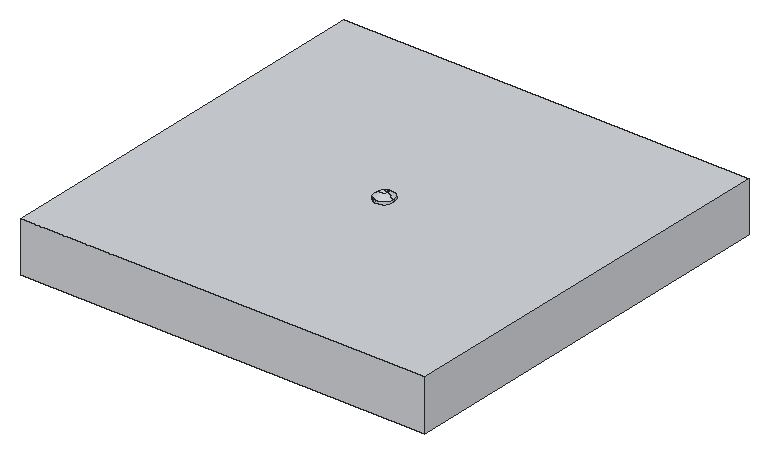
Revit family "M_Sensor de presença de forro - Relé duplo - Voltagem normal", category Dispositivos de iluminação, Revit 2019
Family settings
  Hospedeiro = Face
  Manter orientação da anotação = Sim
  Cota do conector redondo = Utilizar diâmetro
  Tipo de parte = Interruptor
  Número OmniClass = 23.85.80.11.27
  Título OmniClass = Lighting Controls
  ID de item do Seek = Ceiling Occupancy Sensor - Dual Relay - Regular Voltage-0000-CAN-ENU
  Corte com vazios quando carregada = Não
  Compartilhado = Não
  Ponto de cálculo do ambiente = Não
Parameters (values of type "120 V")
  Voltagem do sensor = 120 V
  Número de pólos do sensor = 1
  Classificação de carga = Outros
  Material da Lente = none
  Altura 1 = 1 / 3 * Altura do recobrimento  # 12.667 mm
  Elevação-padrão = 1200 mm
  Raio do recobrimento = 57 mm
  Material do recobrimento = none
  Altura do recobrimento = 38 mm
  Diâmetro do recobrimento = Raio do recobrimento * 2  # 114 mm
  Carga aparente = 0 VA
Types (3, lengths in mm): name | Voltagem do sensor
  (no name) | 120 V
  120 V | 120 V
  277 V | 277 V
Reference planes
  plane 1 "Centro (Frente/Trás)": y = 0
  plane 2: z = 0
  plane 3 "Centro (Esquerda/Direita)": x = 0
  plane 4: z = 12.667
  plane 5: z = 38
  plane 6: z = 44.35
  plane 7: x = -57
  plane 8: x = 57
  plane 9: x = -19.05
  plane 10: x = 19.05
Forms (mm)
  Extrusion 1, solid
    sketch origin (0, 0, 0) x (1, 0, 0) y (0, 1, 0)
      loop
        line (-1219.2, 1219.2) -> (-1219.2, -1219.2) -> (1219.2, -1219.2) -> (1219.2, 1219.2) -> (-1219.2, 1219.2)
    from 0 to -304.8
  Revolve 2, solid, material <- "Material do recobrimento"
    sketch origin (0, 0, 0) x (1, 0, 0) y (0, 0, 1)
      loop
        line (-57, 12.667) -> (-57, 0) -> (0, 0) -> (0, 38) -> (-19.05, 38) -> (-57, 12.667)
      axis (0, 38) -> (0, 0)
    angle from 0 to 360
  Revolve 3, solid, material <- "Material da Lente"
    sketch origin (0, 0, 0) x (1, 0, 0) y (0, 0, 1)
      loop
        arc (19.05, 38) -> (10.042, 42.73) -> (0, 44.363) r 31.697
        line (0, 44.363) -> (0, 38) -> (19.05, 38)
      axis (0, 44.363) -> (0, 38)
    angle from 0 to 360
Lines and regions (mm)
  symbolic lines, detail levels coarse+medium
    curve 1: line (-57, 0, 0) -> (0, -57, 0)
    curve 2: line (0, -57, 0) -> (57, 0, 0)
    curve 3: line (-57, 0, 0) -> (0, 57, 0)
    curve 4: line (0, 57, 0) -> (57, 0, 0)
  symbolic lines, detail levels fine
    curve 5: circle (0, 0, 0) r 57 normal (0, 0, 1)
    curve 6: circle (0, 0, 0) r 19.05 normal (0, 0, 1)
Dimensions and locks
  "Altura 1": plane 4 to plane 2
  "Altura do recobrimento": plane 5 to plane 2
  locked: plane 6 to plane 5 at 6.35
  "Diâmetro do recobrimento": plane 8 to plane 7
  equal spacing: plane 8, plane 3 "Centro (Esquerda/Direita)", plane 7
  plane 10 to plane 3 "Centro (Esquerda/Direita)" to plane 9 = 19.05 mm locked, 19.05 mm locked
  "Raio do recobrimento": radius of curve 5
  radius of curve 6 = 19.05 mm
  aligned and locked: plane 2 to Extrusion 1
  aligned and locked: level to Extrusion 1
  aligned and locked: Revolve 2 sketch curve to plane 3 "Centro (Esquerda/Direita)"
  aligned and locked: Revolve 2 sketch curve to plane 7
  aligned and locked: Revolve 2 sketch curve to plane 2
  aligned and locked: plane 5 to Revolve 2 sketch curve
  aligned and locked: plane 4 to Revolve 2 sketch curve
  aligned and locked: plane 9 to Revolve 2 sketch curve
  aligned and locked: plane 6 to Revolve 3 sketch curve
  aligned and locked: Revolve 3 sketch curve to Revolve 3 sketch curve
  aligned and locked: Revolve 3 sketch curve to plane 3 "Centro (Esquerda/Direita)"  (x2)
  aligned and locked: plane 5 to Revolve 3 sketch curve
  aligned and locked: plane 4 to Revolve 3 sketch curve
  aligned and locked: plane 3 "Centro (Esquerda/Direita)" to Revolve 3 sketch curve
  aligned and locked: plane 3 "Centro (Esquerda/Direita)" to Revolve 2 sketch curve
  aligned and locked: plane 1 "Centro (Frente/Trás)" to nested 1
  aligned and locked: plane 3 "Centro (Esquerda/Direita)" to nested 1
  aligned and locked: plane 1 "Centro (Frente/Trás)" to curve 6
  aligned and locked: plane 1 "Centro (Frente/Trás)" to curve 5
  aligned and locked: plane 3 "Centro (Esquerda/Direita)" to curve 6
  aligned and locked: plane 3 "Centro (Esquerda/Direita)" to curve 5
Automatic sketch dimensions
  Extrusion 1 sketch curve to Extrusion 1 sketch curve = 2438.4 mm  (x2)
  Revolve 2 sketch curve to level = 0 mm
  Revolve 2 sketch curve to plane 5 = 0 mm
  Revolve 3 sketch curve to plane 10 = 0 mm
  curve 2 to plane 3 "Centro (Esquerda/Direita)" = 0 mm
  curve 1 to plane 1 "Centro (Frente/Trás)" = 0 mm
Nested families
  nested 1: "M_Anotação de legenda 3-32" at (0, 0, 0), type "Anotação de legenda 3-32", detail levels coarse+medium
Connectors
  electrical at (0, 0, 0), driven by "Carga aparente", driven by "Voltagem do sensor", driven by "Número de pólos do sensor", driven by "Classificação de carga"
    settings: on Revolve 2, index 1, voltage 120 V, apparent load 0 VA, apparent load phase1 0 VA, apparent load phase2 0 VA, apparent load phase3 0 VA, power factor 1, load classification "Outros", number of poles 1, system type 31, power factor state 1, is connector primary yes, connector utility no, sub classification motor no, connector description ""
  electrical at (0, 0, 38)
    settings: on Revolve 3, index 2, voltage 0 V, apparent load 0 VA, apparent load phase1 0 VA, apparent load phase2 0 VA, apparent load phase3 0 VA, power factor 1, load classification "Outros", number of poles 1, system type 13, power factor state 1, is connector primary no, connector utility no, sub classification motor no, connector description ""
Definition of nested family "M_Anotação de legenda 3-32"
  Parameters
    Legenda = "M"
  Reference planes
    plane 1: y = 0
    plane 2: x = 0
  Text (mm)
    label "Legenda" at (0.095, -0.088, 0), shows "Legenda"
